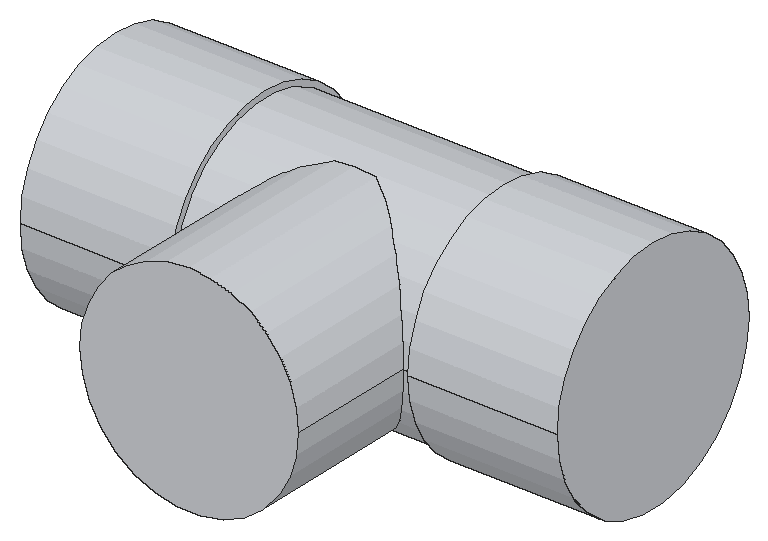
Revit family "Tê de ramificação reduzida - Soldado x Rosqueado - CU", category Conexões de tubo, Revit 2019
Family settings
  Cota do conector redondo = Usar raio
  Tipo de parte = Tê
  Com base no plano de trabalho = Não
  Sempre na vertical = Sim
  Corte com vazios quando carregada = Não
  Compartilhado = Não
Parameters (values of type "Padrão")
  Tamanho da marca de cota 2 [instance] = Diâmetro externo da conexão 2 * 0.4  # 10.8 mm
  Tamanho da marca de cota 1 [instance] = Diâmetro externo da conexão 1 * 0.4  # 11.2 mm
  Raio nominal 2 [instance] = 7.5 mm
  Diâmetro nominal 2 [instance] = Raio nominal 2 * 2  # 15 mm
  Diâmetro mínimo nominal 12 [instance] = if(Diâmetro nominal 1 > Diâmetro nominal 2, Diâmetro nominal 2, Diâmetro nominal 1)  # 15 mm
  Raio externo máximo [instance] = if(Raio externo do soquete > Raio externo da conexão 2, Raio externo do soquete, Raio externo da conexão 2)  # 14.7 mm
  Diâmetro nominal máximo 12 [instance] = if(Diâmetro nominal 1 > Diâmetro nominal 2, Diâmetro nominal 1, Diâmetro nominal 2)  # 28 mm
  Nome da tabela de pesquisa = "BR_Tee Branch Reduced - Soldered x Threaded - CU"
  Comprimento 5 [instance] = Comprimento 3 + (Comprimento 1 + Largura do soquete) * cos(Ângulo)  # 33.1 mm
  Comprimento 4 [instance] = Comprimento 1 * sin(Ângulo 1)  # 30 mm
  Comprimento 3 [instance] = if((Centro para o trecho da extremidade - Largura do soquete) > Comprimento 1 * cos(Ângulo 1) + Raio externo do soquete * sin(Ângulo 1), Centro para o trecho da extremidade, Comprimento 1 * cos(Ângulo 1) + Raio externo do soquete * sin(Ângulo 1) + Largura do soquete)  # 33.1 mm
  Comprimento 2 [instance] = Centro para a ramificação de extremidade - Largura do soquete  # 11.6 mm
  Raio externo da conexão 2 [instance] = Diâmetro externo da conexão 2 / 2  # 13.5 mm
  Raio externo da conexão 1 [instance] = Diâmetro externo da conexão 1 / 2  # 14 mm
  Diâmetro externo da conexão 2 [instance] = size_lookup(Nome da tabela de pesquisa, "FOD", 1.12 * Diâmetro nominal 2 + 10.5 mm, Diâmetro nominal 1, Diâmetro nominal 2)  # 27 mm
  Diâmetro externo da conexão 1 [instance] = Diâmetro nominal 1  # 28 mm
  Comprimento 1 [instance] = if(Centro para a ramificação de extremidade * tan(Ângulo 1 / 2) > Raio externo máximo, Centro para a ramificação de extremidade, Raio externo máximo / tan(Ângulo 1 / 2))  # 30 mm
  Extremidade para o trecho da extremidade [instance] = size_lookup(Nome da tabela de pesquisa, "EtE", 0.92 * Diâmetro nominal máximo 12 + 1.38 * Diâmetro mínimo nominal 12 + 10.7 mm, Diâmetro nominal máximo 12, Diâmetro mínimo nominal 12)  # 58 mm
  Centro para o trecho da extremidade [instance] = Extremidade para o trecho da extremidade / 2  # 29 mm
  Raio nominal 1 [instance] = 14 mm
  Diâmetro nominal 1 [instance] = Raio nominal 1 * 2  # 28 mm
  Espessura da parede [instance] = size_lookup(Nome da tabela de pesquisa, "WThk", 0.01 * Diâmetro nominal 1 + 0.4 mm, Diâmetro nominal 1)  # 0.7 mm
  Método de perda = Coeficiente K da tabela
  Tabela de coeficiente K = "Tê"
  Largura do soquete [instance] = size_lookup(Nome da tabela de pesquisa, "SWid", 0.47 * Diâmetro nominal 1 + 4.2 mm, Diâmetro nominal 1)  # 18.4 mm
  Raio externo do soquete [instance] = Diâmetro externo do soquete / 2  # 14.7 mm
  Diâmetro externo do soquete [instance] = Diâmetro nominal 1 + 2 * Espessura da parede  # 29.4 mm
  Centro para a ramificação de extremidade [instance] = size_lookup(Nome da tabela de pesquisa, "CtEB", 0.54 * Diâmetro nominal máximo 12 + 0.28 * Diâmetro mínimo nominal 12 + 11 mm, Diâmetro nominal máximo 12, Diâmetro mínimo nominal 12)  # 30 mm
  Ângulo 1 [instance] = if(Ângulo > 90.00°, 180.00° - Ângulo, Ângulo)  # 90.00°
  Ângulo [instance] = 90.00°
Reference planes
  plane 1 "Centro (frente/trás)": y = 0
  plane 2: z = 0
  plane 3 "Centro (direita/esquerda)": x = 0
  plane 4: x = -33.1
  plane 5: x = 33.1
  plane 6: x = -14.7
  plane 7: x = 14.7
  plane 8: y = -30
  plane 9: x = 0
  plane 10: x = -10.1
  plane 11: x = 10.1
  plane 12: y = 11.2
  plane 13: y = -11.2
Forms (mm)
  Sweep 1, solid, detail levels fine
    path in 3D
      loop
        line (-33.1, 0, 0) -> (-14.7, 0, 0)
    profile origin (-23.9, 0, 0) x (0, 1, 0) y (0, 0, 1)
      loop
        circle (0, 0) r 14.7
  Sweep 2, solid, detail levels fine
    path in 3D
      loop
        line (14.7, 0, 0) -> (33.1, 0, 0)
    profile origin (23.9, 0, 0) x (0, 1, 0) y (0, 0, 1)
      loop
        circle (0, 0) r 14.7
  Sweep 3, solid, detail levels fine
    path in 3D
      loop
        line (-14.7, 0, 0) -> (14.7, 0, 0)
    profile origin (0, 0, 0) x (0, 1, 0) y (0, 0, 1)
      loop
        circle (0, 0) r 14
  Sweep 4, solid, detail levels fine
    path in 3D
      loop
        line (0, 0, 0) -> (0, -30, 0)
    profile origin (0, -15, 0) x (1, 0, 0) y (0, 0, 1)
      loop
        circle (0, 0) r 13.5
Cuts and joins
  joined: Sweep 1, Sweep 2, Sweep 3, Sweep 4
Lines and regions (mm)
  model lines, detail levels coarse+medium
    curve 1: line (-33.1, 0, 0) -> (-14.7, 0, 0)
    curve 2: line (14.7, 0, 0) -> (33.1, 0, 0)
    curve 5: line (0, 0, 0) -> (0, -30, 0)
    curve 6: line (-14.7, 0, 0) -> (14.7, 0, 0)
    curve 8: line (-33.1, 11.2, 0) -> (-33.1, -11.2, 0)
    curve 9: line (33.1, 11.2, 0) -> (33.1, -11.2, 0)
    curve 11: line (-10.8, -30, 0) -> (10.8, -30, 0)
  sketch lines
    curve 3: line (-33.1, 0, 0) -> (-14.7, 0, 0)
    curve 4: line (14.7, 0, 0) -> (33.1, 0, 0)
    curve 7: line (-14.7, 0, 0) -> (14.7, 0, 0)
    curve 10: line (0, 0, 0) -> (0, -30, 0)
Dimensions and locks
  equal spacing: plane 4, plane 3 "Centro (direita/esquerda)", plane 5
  "Largura do soquete": plane 4 to plane 6
  equal spacing: plane 6, plane 3 "Centro (direita/esquerda)", plane 7
  "Comprimento 1": curve 5 to curve 5
  "Comprimento 3": plane 4 to plane 3 "Centro (direita/esquerda)"
  "Comprimento 4": plane 1 "Centro (frente/trás)" to plane 8
  "Comprimento 5": plane 4 to plane 9
  plane 4 to plane 10 = 23 mm
  equal spacing: plane 10, plane 3 "Centro (direita/esquerda)", plane 11
  "Tamanho da marca de cota 1": plane 12 to plane 1 "Centro (frente/trás)"
  equal spacing: plane 12, plane 1 "Centro (frente/trás)", plane 13
  "Tamanho da marca de cota 2": curve 11 to curve 5
  "Tamanho da marca de cota 2": curve 5 to curve 11
  "Raio externo do soquete": radius of Sweep 1 sketch curve
  "Raio externo do soquete": radius of Sweep 2 sketch curve
  "Raio externo da conexão 1": radius of Sweep 3 sketch curve
  "Raio externo da conexão 2": radius of Sweep 4 sketch curve
  "Ângulo": angle curve 5 to plane 1 "Centro (frente/trás)"
  locked: curve 5 to curve 11 (angle 90.00°)
  aligned and locked: plane 4 to curve 1
  aligned and locked: plane 1 "Centro (frente/trás)" to curve 1
  aligned and locked: plane 5 to curve 2
  aligned and locked: plane 1 "Centro (frente/trás)" to curve 2
  aligned and locked: plane 3 "Centro (direita/esquerda)" to curve 5
  aligned and locked: plane 6 to curve 6
  aligned and locked: plane 7 to curve 6
  aligned and locked: plane 1 "Centro (frente/trás)" to curve 6
  aligned and locked: curve 8 to plane 12
  aligned and locked: plane 13 to curve 8
  aligned and locked: curve 8 to plane 4
  aligned and locked: curve 9 to plane 12
  aligned and locked: plane 13 to curve 9
  aligned and locked: plane 5 to curve 9
Automatic sketch dimensions
  Sweep 1 sketch curve to profile plane = 0 mm  (x2)
  Sweep 2 sketch curve to profile plane = 0 mm  (x2)
  Sweep 3 sketch curve to profile plane = 0 mm  (x2)
  Sweep 4 sketch curve to profile plane = 0 mm  (x2)
Connectors
  piping at (-33.1, 0, 0), diameter 28, driven by "Raio nominal 1"
    settings: on cut or joined group of Sweep 1, Sweep 2, Sweep 3, Sweep 4, index 1, connector inside diameter 28 mm, connector length 0 mm, flow factor 0, pipe flow 0.0 L/s, pressure drop 0.0 Pa, fitting loss kfactor 0, connector angle 0.00°, fixture units 0, engagement length 0 mm, angle of deflection 0.00°, flow configuration 0, flow direction 0, fitting loss method 0, system type 28, joint type 0, gender type 0, connector reference index 2, connector utility 0, adjustable connector no, is connector primary yes, connector description ""
  piping at (33.1, 0, 0), diameter 28, driven by "Raio nominal 1"
    settings: on cut or joined group of Sweep 1, Sweep 2, Sweep 3, Sweep 4, index 2, connector inside diameter 28 mm, connector length 0 mm, flow factor 0, pipe flow 0.0 L/s, pressure drop 0.0 Pa, fitting loss kfactor 0, connector angle 0.00°, fixture units 0, engagement length 0 mm, angle of deflection 0.00°, flow configuration 0, flow direction 0, fitting loss method 0, system type 28, joint type 0, gender type 0, connector reference index 1, connector utility 0, adjustable connector no, is connector primary no, connector description ""
  piping at (0, -30, 0), diameter 15, driven by "Raio nominal 2", driven by "Ângulo"
    settings: on cut or joined group of Sweep 1, Sweep 2, Sweep 3, Sweep 4, index 3, connector inside diameter 15 mm, connector length 0 mm, flow factor 0, pipe flow 0.0 L/s, pressure drop 0.0 Pa, fitting loss kfactor 0, connector angle 90.00°, fixture units 0, engagement length 0 mm, angle of deflection 0.00°, flow configuration 0, flow direction 0, fitting loss method 0, system type 28, joint type 0, gender type 0, connector reference index -1, connector utility 0, adjustable connector no, is connector primary no, connector description ""
